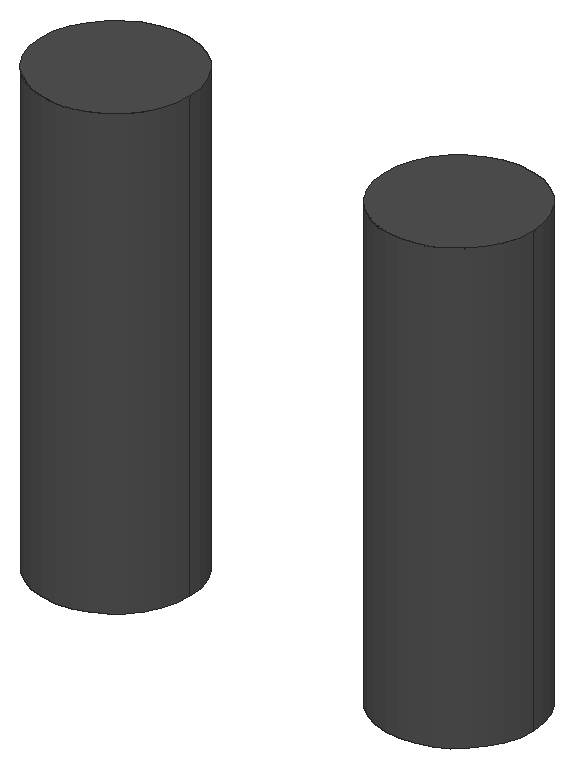
Revit family "9210221933(2023)", category Plumbing Fixtures, Revit 2020
Family settings
  Round Connector Dimension = Use Diameter
  Part Type = Normal
  OmniClass Number = 23.45.55.00
  OmniClass Title = Sanitary Faucets, Wastes
  Work Plane-Based = No
  Always vertical = Yes
  Cut with Voids When Loaded = No
  Shared = No
  Room Calculation Point = No
Parameters (values of type "9210221933 Washbasin faucet, 3 V, Bluetooth")
  Working Pressure = "100 - 1000 kPa"
  WarrantyStartDate [instance] = "n/a"
  WarrantyGuarantorParts = "n/a"
  WarrantyGuarantorLabor = "n/a"
  WarrantyDurationUnit = "Year"
  WarrantyDurationParts = "n/a"
  WarrantyDurationLabor = "n/a"
  WarrantyDescription = "http://warranty.hansa.com"
  Warranty Information URL = "http://warranty.hansa.com"
  VersionDate = "01/06/2023"
  Version = "1"
  ValvePattern = "n/a"
  ValveOperation = "n/a"
  ValveMechanism = "n/a"
  Uniclass2015Reference = "Pr_40_20_87_96"
  Uniclass2015Description = "Washbasin manual water supply sets"
  Uniclass2 = "Pr_40_30_96_96"
  URL WEEE = "http://static.hansa.com/WEEE/9210221933"
  URL UWL = "http://static.hansa.com/UWL/9210221933"
  URL REACH = "http://static.hansa.com/doc/reach"
  URL EcoLabel Declaration = "http://static.hansa.com/doc/EcoLabel"
  URL EU Packaging Declaration = "http://static.hansa.com/doc/packaging"
  URL Declaration of SCIP = "http://static.hansa.com/doc/SCIP"
  URL Declaration of Conformity = "http://static.hansa.com/DoC/9210221933"
  URL Declaration of Asbestos = "http://static.hansa.com/doc/asbestos"
  URL Declaration Of Performance (DOP) = "http://static.hansa.com/doc/DoP"
  URL = ""
  UNSPSC Class Number = "30181700 Faucets or taps"
  Type Comments = ""
  TestPressure = "n/a"
  Temperature Adjustments = "Adjustable hot water stop (included, retrofittable)"
  Technical DataSheet URL = "http://www.hansa.com/datasheet/9210221933/en"
  TagNumber [instance] = "n/a"
  SustainabilityPerformance = "n/a"
  Surface treatment = "Matt black"
  Spout Type = "Fixed spout"
  Spout Projection = "117 mm"
  Size = "70x165x135 mm"
  Shape = "Sculptured"
  SerialNumber [instance] = "n/a"
  Sales Package dimensions (LxWxH) = "284 x 191 x 83.5"
  Revision = "n/a"
  ReplacementCost = "n/a"
  Protection Class = "IP 55"
  ProductInformation = "n/a"
  Product URL = "http://static.hansa.com/9210221933"
  Product Image URL = "http://static.hansa.com/image/9210221933"
  Product Family = "HANSAELECTRA Safety"
  Product Code = "9210221933"
  OperatingMechanismMaterial = "n/a"
  Operating Voltage = 39 V
  Operating Distance = "20-130 mm (110/130/160 mm)"
  NominalWidth = 69.286 mm
  NominalHeight = 135.012 mm
  NominalDepth = 163.081 mm
  Noise Class = "I (ISO 3822) "
  Name_en = "9210221933 Washbasin faucet, 3 V, Bluetooth"
  Name = "9210221933 Washbasin faucet, 3 V, Bluetooth"
  NBSReference = "45-35-70/371"
  NBSDescription = "Water supply fittings for wash basins and troughs"
  Mounting Holes = "1 hole"
  ModelReference = "9210221933"
  ModelNumber = "n/a"
  Model = "9210221933 Washbasin faucet, 3 V, Bluetooth"
  Mobile Product Information URL = "http://mpi.hansa.com/9210221933"
  Mechanical Parts = "Mixing valve for manual temperature control;Non-return valve(s);Litter filter(s)"
  Max. Hot Water Supply = 70 °C
  Max Flow Period = "2 min (1 - 1800 s)"
  Material = "Composite"
  Market = "International;Germany;Austria;Switzerland;Belgium;Netherlands;Italy"
  ManufacturerURL = "http://www.hansa.com"
  ManufacturerName = "HANSA"
  Manufacturer = "HANSA"
  Long Marketing = "Electra 92 series is giving you a whole new modern design with its rounded square body and spout. Giving you new fresh and updated design.\nDesign compliments the new trends of the modern bathroom with its more squared design.\n\nKey Features\nAerator with Tilt function +/- 10° for more flexible installation\nNewest Sensor technology for better detection and operation comfort\nBluetooth technology for easy adjustment to personalize settings \nAntiscalding protection\nTemperature measurement\nBattery and power cable"
  Lever Handle = "Temperature control handle"
  Keynote = ""
  InstallationDate [instance] = "n/a"
  Installation Type = "Deck mounted"
  InletConnectionSize = 10 mm
  IfcExportType = "FAUCET"  # constant formula
  IfcExportAs = "IfcValveType"  # constant formula
  Group = "Washbasin faucet"
  Grade = "n/a"
  FlowCoefficient = 0
  Flow Rate At 300kPa With Flow Controller = 0.09 L/s
  Flow Drawing URL = "http://static.hansa.com/flowchart/9210221933"
  Finish = "Polished"
  Features = "Touchless;Battery-operated;External transformer;Bluetooth®;Lead free"
  FaucetMainMaterial = Brass - Matt black
  FDV Document URL = "http://www.hansa.com/datasheet/9210221933/en/fdv"
  ExpectedLife = "n/a"
  Electronic Parts = ";Light indicated function(s);Low battery indicator"
  Electrical Connection = "9 V"
  ETIM Class Number = "EC010340 Electronic tap"
  EN Standard = "EN 15091"
  EMC Directive = "2014/53/EU , 2011/65/EU"
  EAN Number = "4057304019326"
  DurationUnit = "Year"
  Dimension Drawing URL = "http://static.hansa.com/dimdrw/9210221933"
  Description = ""
  DefaultElevation [instance] = 900 mm
  Default Elevation = 0 mm
  Constituents = "n/a"
  Connection Size = "G3/8"
  Connection = "Flexible inlet pipes"
  Color = "Matt black"
  CodePerformance = "n/a"
  CloseOffRating = 0
  Catalog Drawing URL = "http://static.hansa.com/catdrw/9210221933"
  Brand = "HANSA"
  BodyMaterial = "Brass"
  Bluetooth = "5.x (D060576)"
  Battery = "AA 1.5 V Lithium x 2"
  Barcode [instance] = "n/a"
  Backflow Prevention EN1717 = "EB"
  BIMObjectName = "9210221933(2023)"
  Automatic Flush Period = "30 s (1-1800 s)"
  Automatic Flush Frequency = "off (off/1-120 h)"
  Author = "BIMStone"
  AssetType = "Fixed"
  AssetIdentifier [instance] = "n/a"
  Afterflow Period = "3 s (1-20 s)"
  Aerator = "PCA® - constant flow rate regardless of pressure variations;Adjustable flow angle"
  Advanced Features = "3S-installation system for safe and simple mounting"
  AccessibilityPerformance = "n/a"
  2D/3D/BIM Files URL = "http://static.hansa.com/bim/9210221933"
Reference planes
  plane 1 "Center (Front/Back)": y = 0
  plane 2: z = 0
  plane 3 "Center (Left/Right)": x = 0
  plane 4: x = -27.304
  plane 5: z = 900
  plane 6: z = 870
  plane 7: y = -163.081
  plane 8: x = 27.304
  plane 9: z = 1035.012
  plane 10: x = 41.982
Forms (mm)
  Extrusion 1, solid, material "Brass - Matt black" <- "FaucetMainMaterial"
    sketch origin (0, -2.393, 0) x (1, 0, 0) y (0, 1, 0)
      loop
        circle (-11.5, -22.5) r 5
      loop
        circle (11.5, -22.5) r 5
    from 870 to 900
Dimensions and locks
  "DefaultElevation": plane 5 to level
  locked: plane 5 to plane 6 at 30
  "NominalDepth": plane 7 to plane 1 "Center (Front/Back)"
  equal spacing: plane 4, plane 3 "Center (Left/Right)", plane 8
  "NominalHeight": plane 9 to plane 5
  locked: plane 8 to plane 10 at 14.678
  "NominalWidth": plane 4 to plane 10
  "InletConnectionSize": diameter of Extrusion 1 sketch curve  (x2)
  aligned and locked: level to plane 2
  aligned and locked: plane 5 to Extrusion 1
  aligned and locked: Extrusion 1 to plane 6
  aligned and locked: plane 1 "Center (Front/Back)" to nested 2
  aligned and locked: plane 3 "Center (Left/Right)" to nested 2
  aligned and locked: plane 3 "Center (Left/Right)" to nested 1
  aligned and locked: plane 1 "Center (Front/Back)" to nested 1
  aligned and locked: plane 5 to nested 2
Automatic sketch dimensions
  Extrusion 1 sketch curve to plane 3 "Center (Left/Right)" = 11.5 mm
  plane 3 "Center (Left/Right)" to Extrusion 1 sketch curve = 11.5 mm
  plane 1 "Center (Front/Back)" to Extrusion 1 sketch curve = 24.893 mm
  Extrusion 1 sketch curve to Extrusion 1 sketch curve = 0 mm
Nested families
  nested 1: "Symbol" at (0, 0, 0), type "Symbol", detail levels coarse
  nested 2: "9210221933(2023)_Body" at (0, 0, 900), Material <- "FaucetMainMaterial", type "9210221933(2023)_Body"
    with Material Brass - Matt black
Connectors
  piping at (-11.5, -24.893, 870), diameter 10, driven by "InletConnectionSize"
    settings: on Extrusion 1, index 1, connector inside diameter 609.6 mm, connector length 0 mm, flow factor 0, pipe flow 0.2 L/s, pressure drop 0.0 Pa, fitting loss kfactor 0, connector angle 0.00°, fixture units 0, engagement length 0 mm, angle of deflection 0.00°, flow configuration 1, flow direction 1, fitting loss method 0, system type 19, joint type 0, gender type 0, connector reference index -1, connector utility 0, adjustable connector no, is connector primary yes, connector description ""
  piping at (11.5, -24.893, 870), diameter 10, driven by "InletConnectionSize"
    settings: on Extrusion 1, index 2, connector inside diameter 609.6 mm, connector length 0 mm, flow factor 0, pipe flow 0.2 L/s, pressure drop 0.0 Pa, fitting loss kfactor 0, connector angle 0.00°, fixture units 0, engagement length 0 mm, angle of deflection 0.00°, flow configuration 1, flow direction 1, fitting loss method 0, system type 20, joint type 0, gender type 0, connector reference index -1, connector utility 0, adjustable connector no, is connector primary no, connector description ""
Definition of nested family "Symbol"
  Reference planes
    plane 1: y = 0
    plane 2: x = 0
  Lines and regions (mm)
    detail lines
      curve 1: line (0, 0, 0) -> (0, -1.8, 0)
      curve 2: line (-0.4, -1.1, 0) -> (0.4, -1.1, 0)
      curve 3: line (-0.4, -1.4, 0) -> (0.4, -1.4, 0)
      curve 4: line (0.863, 0, 0) -> (-0.863, 0, 0)
      curve 5: circle (-1.163, 0, 0) r 0.3 normal (0, 0, -1)
      curve 6: circle (1.163, 0, 0) r 0.3 normal (0, 0, 1)
